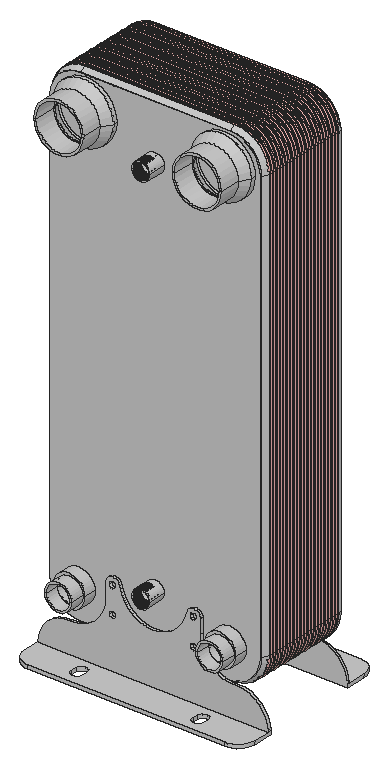
Revit family "MIT MB-11HDQ - Brazed Heat Exchanger", category Specialty Equipment, Revit 2022 (continued)
Automatic sketch dimensions
  plane 12 "4" to Extrusion 18 sketch curve = 0.056 mm
  plane 3 "Center (Left/Right)" to Extrusion 19 sketch curve = 0.034 mm  (x2)
  plane 11 "3" to Extrusion 19 sketch curve = 0.033 mm
  plane 12 "4" to Extrusion 19 sketch curve = 0.056 mm
  Sweep 20 sketch curve to profile plane = 0.00 mm  (x2)
  Sweep 20 sketch curve to profile plane = 2.61 mm
  Sweep 20 sketch curve to profile plane = 0.46 mm
  Sweep 20 sketch curve to profile plane = 1.46 mm
  Sweep 21 sketch curve to profile plane = 0.00 mm  (x2)
  Sweep 21 sketch curve to profile plane = 2.61 mm
  Sweep 21 sketch curve to profile plane = 0.46 mm
  Sweep 21 sketch curve to profile plane = 1.46 mm
  Sweep 22 sketch curve to profile plane = 0.00 mm  (x2)
  Sweep 22 sketch curve to profile plane = 2.61 mm
  Sweep 22 sketch curve to profile plane = 0.46 mm
  Sweep 22 sketch curve to profile plane = 1.46 mm
  Sweep 23 sketch curve to profile plane = 0.00 mm  (x2)
  Sweep 23 sketch curve to profile plane = 2.61 mm
  Sweep 23 sketch curve to profile plane = 0.46 mm
  Sweep 23 sketch curve to profile plane = 1.46 mm
  Sweep 24 sketch curve to profile plane = 0.00 mm  (x2)
  Sweep 24 sketch curve to profile plane = 2.61 mm
  Sweep 24 sketch curve to profile plane = 0.46 mm
  Sweep 24 sketch curve to profile plane = 1.46 mm
  Sweep 25 sketch curve to profile plane = 0.00 mm  (x2)
  Sweep 25 sketch curve to profile plane = 2.61 mm
  Sweep 25 sketch curve to profile plane = 0.46 mm
  Sweep 25 sketch curve to profile plane = 1.46 mm
  Sweep 26 sketch curve to profile plane = 0.00 mm  (x2)
  Sweep 26 sketch curve to profile plane = 2.61 mm
  Sweep 26 sketch curve to profile plane = 0.46 mm
  Sweep 26 sketch curve to profile plane = 1.46 mm
  Sweep 27 sketch curve to profile plane = 0.00 mm  (x2)
  Sweep 27 sketch curve to profile plane = 2.61 mm
  Sweep 27 sketch curve to profile plane = 0.46 mm
  Sweep 27 sketch curve to profile plane = 1.46 mm
  Sweep 28 sketch curve to profile plane = 0.00 mm  (x2)
  Sweep 28 sketch curve to profile plane = 2.61 mm
  Sweep 28 sketch curve to profile plane = 0.46 mm
  Sweep 28 sketch curve to profile plane = 1.46 mm
  Sweep 29 sketch curve to profile plane = 0.00 mm  (x2)
  Sweep 29 sketch curve to profile plane = 2.61 mm
  Sweep 29 sketch curve to profile plane = 0.46 mm
  Sweep 29 sketch curve to profile plane = 1.46 mm
  Sweep 30 sketch curve to profile plane = 0.00 mm  (x2)
  Sweep 30 sketch curve to profile plane = 2.61 mm
  Sweep 30 sketch curve to profile plane = 0.46 mm
  Sweep 30 sketch curve to profile plane = 1.46 mm
  Sweep 31 sketch curve to profile plane = 0.00 mm  (x2)
  Sweep 31 sketch curve to profile plane = 2.61 mm
  Sweep 31 sketch curve to profile plane = 0.46 mm
  Sweep 31 sketch curve to profile plane = 1.46 mm
  Sweep 32 sketch curve to profile plane = 0.00 mm  (x2)
  Sweep 32 sketch curve to profile plane = 2.61 mm
  Sweep 32 sketch curve to profile plane = 0.46 mm
  Sweep 32 sketch curve to profile plane = 1.46 mm
  Sweep 33 sketch curve to profile plane = 0.00 mm  (x2)
  Sweep 33 sketch curve to profile plane = 2.61 mm
  Sweep 33 sketch curve to profile plane = 0.46 mm
  Sweep 33 sketch curve to profile plane = 1.46 mm
  Sweep 34 sketch curve to profile plane = 0.00 mm  (x2)
  Sweep 34 sketch curve to profile plane = 2.61 mm
  Sweep 34 sketch curve to profile plane = 0.46 mm
  Sweep 34 sketch curve to profile plane = 1.46 mm
  Sweep 35 sketch curve to profile plane = 0.00 mm  (x2)
  Sweep 35 sketch curve to profile plane = 2.61 mm
  Sweep 35 sketch curve to profile plane = 0.46 mm
  Sweep 35 sketch curve to profile plane = 1.46 mm
  Sweep 36 sketch curve to profile plane = 0.00 mm  (x2)
  Sweep 36 sketch curve to profile plane = 2.61 mm
  Sweep 36 sketch curve to profile plane = 0.46 mm
  Sweep 36 sketch curve to profile plane = 1.46 mm
  Sweep 37 sketch curve to profile plane = 0.00 mm  (x2)
  Sweep 37 sketch curve to profile plane = 2.61 mm
  Sweep 37 sketch curve to profile plane = 0.46 mm
  Sweep 37 sketch curve to profile plane = 1.46 mm
  Sweep 38 sketch curve to profile plane = 0.00 mm  (x2)
  Sweep 38 sketch curve to profile plane = 2.61 mm
  Sweep 38 sketch curve to profile plane = 0.46 mm
  Sweep 38 sketch curve to profile plane = 1.46 mm
  Sweep 39 sketch curve to profile plane = 0.00 mm  (x2)
  Sweep 39 sketch curve to profile plane = 2.61 mm
  Sweep 39 sketch curve to profile plane = 0.46 mm
  Sweep 39 sketch curve to profile plane = 1.46 mm
  Sweep 40 sketch curve to profile plane = 0.00 mm  (x2)
  Sweep 40 sketch curve to profile plane = 2.61 mm
  Sweep 40 sketch curve to profile plane = 0.46 mm
  Sweep 40 sketch curve to profile plane = 1.46 mm
  Sweep 41 sketch curve to profile plane = 0.00 mm  (x2)
  Sweep 41 sketch curve to profile plane = 2.61 mm
  Sweep 41 sketch curve to profile plane = 0.46 mm
  Sweep 41 sketch curve to profile plane = 1.46 mm
  Sweep 42 sketch curve to profile plane = 0.00 mm  (x2)
  Sweep 42 sketch curve to profile plane = 2.61 mm
  Sweep 42 sketch curve to profile plane = 0.46 mm
  Sweep 42 sketch curve to profile plane = 1.46 mm
  Sweep 43 sketch curve to profile plane = 0.00 mm  (x2)
  Sweep 43 sketch curve to profile plane = 2.61 mm
  Sweep 43 sketch curve to profile plane = 0.46 mm
  Sweep 43 sketch curve to profile plane = 1.46 mm
  Sweep 44 sketch curve to profile plane = 0.00 mm  (x2)
  Sweep 44 sketch curve to profile plane = 2.61 mm
  Sweep 44 sketch curve to profile plane = 0.46 mm
  Sweep 44 sketch curve to profile plane = 1.46 mm
  Sweep 45 sketch curve to profile plane = 0.00 mm  (x2)
  Sweep 45 sketch curve to profile plane = 2.61 mm
  Sweep 45 sketch curve to profile plane = 0.46 mm
  Sweep 45 sketch curve to profile plane = 1.46 mm
  Sweep 46 sketch curve to profile plane = 0.00 mm  (x2)
  Sweep 46 sketch curve to profile plane = 2.61 mm
  Sweep 46 sketch curve to profile plane = 0.46 mm
  Sweep 46 sketch curve to profile plane = 1.46 mm
  Sweep 47 sketch curve to profile plane = 0.00 mm  (x2)
  Sweep 47 sketch curve to profile plane = 2.61 mm
  Sweep 47 sketch curve to profile plane = 0.46 mm
  Sweep 47 sketch curve to profile plane = 1.46 mm
  Sweep 48 sketch curve to profile plane = 0.00 mm  (x2)
  Sweep 48 sketch curve to profile plane = 2.61 mm
  Sweep 48 sketch curve to profile plane = 0.46 mm
  Sweep 48 sketch curve to profile plane = 1.46 mm
  Sweep 49 sketch curve to profile plane = 0.00 mm  (x2)
  Sweep 49 sketch curve to profile plane = 2.61 mm
  Sweep 49 sketch curve to profile plane = 0.46 mm
  Sweep 49 sketch curve to profile plane = 1.46 mm
  Sweep 50 sketch curve to profile plane = 0.00 mm  (x2)
  Sweep 50 sketch curve to profile plane = 2.61 mm
  Sweep 50 sketch curve to profile plane = 0.46 mm
  Sweep 50 sketch curve to profile plane = 1.46 mm
  Sweep 51 sketch curve to profile plane = 0.00 mm  (x2)
  Sweep 51 sketch curve to profile plane = 2.61 mm
  Sweep 51 sketch curve to profile plane = 0.46 mm
  Sweep 51 sketch curve to profile plane = 1.46 mm
  Sweep 52 sketch curve to profile plane = 0.00 mm  (x2)
  Sweep 52 sketch curve to profile plane = 2.61 mm
  Sweep 52 sketch curve to profile plane = 0.46 mm
  Sweep 52 sketch curve to profile plane = 1.46 mm
  Sweep 53 sketch curve to profile plane = 0.00 mm  (x2)
  Sweep 53 sketch curve to profile plane = 2.61 mm
  Sweep 53 sketch curve to profile plane = 0.46 mm
  Sweep 53 sketch curve to profile plane = 1.46 mm
  Sweep 54 sketch curve to profile plane = 0.00 mm  (x2)
  Sweep 54 sketch curve to profile plane = 2.61 mm
  Sweep 54 sketch curve to profile plane = 0.46 mm
  Sweep 54 sketch curve to profile plane = 1.46 mm
  Sweep 55 sketch curve to profile plane = 0.00 mm  (x2)
  Sweep 55 sketch curve to profile plane = 2.61 mm
  Sweep 55 sketch curve to profile plane = 0.46 mm
  Sweep 55 sketch curve to profile plane = 1.46 mm
  Sweep 56 sketch curve to profile plane = 0.00 mm  (x2)
  Sweep 56 sketch curve to profile plane = 2.61 mm
  Sweep 56 sketch curve to profile plane = 0.46 mm
  Sweep 56 sketch curve to profile plane = 1.46 mm
  Sweep 57 sketch curve to profile plane = 0.00 mm  (x2)
  Sweep 57 sketch curve to profile plane = 2.61 mm
  Sweep 57 sketch curve to profile plane = 0.46 mm
  Sweep 57 sketch curve to profile plane = 1.46 mm
  Sweep 58 sketch curve to profile plane = 0.00 mm  (x2)
  Sweep 58 sketch curve to profile plane = 2.61 mm
  Sweep 58 sketch curve to profile plane = 0.46 mm
  Sweep 58 sketch curve to profile plane = 1.46 mm
  Sweep 59 sketch curve to profile plane = 0.00 mm  (x2)
  Sweep 59 sketch curve to profile plane = 2.61 mm
  Sweep 59 sketch curve to profile plane = 0.46 mm
  Sweep 59 sketch curve to profile plane = 1.46 mm
  Sweep 60 sketch curve to profile plane = 0.00 mm  (x2)
  Sweep 60 sketch curve to profile plane = 2.61 mm
  Sweep 60 sketch curve to profile plane = 0.46 mm
  Sweep 60 sketch curve to profile plane = 1.46 mm
  Sweep 61 sketch curve to profile plane = 0.00 mm  (x2)
  Sweep 61 sketch curve to profile plane = 2.61 mm
  Sweep 61 sketch curve to profile plane = 0.46 mm
  Sweep 61 sketch curve to profile plane = 1.46 mm
  Sweep 62 sketch curve to profile plane = 0.00 mm  (x2)
  Sweep 62 sketch curve to profile plane = 2.61 mm
  Sweep 62 sketch curve to profile plane = 0.46 mm
  Sweep 62 sketch curve to profile plane = 1.46 mm
  Sweep 63 sketch curve to profile plane = 0.00 mm  (x2)
  Sweep 63 sketch curve to profile plane = 2.61 mm
  Sweep 63 sketch curve to profile plane = 0.46 mm
  Sweep 63 sketch curve to profile plane = 1.46 mm
  Sweep 64 sketch curve to profile plane = 0.00 mm  (x2)
  Sweep 64 sketch curve to profile plane = 2.61 mm
  Sweep 64 sketch curve to profile plane = 0.46 mm
  Sweep 64 sketch curve to profile plane = 1.46 mm
  Sweep 65 sketch curve to profile plane = 0.00 mm  (x2)
  Sweep 65 sketch curve to profile plane = 2.61 mm
  Sweep 65 sketch curve to profile plane = 0.46 mm
  Sweep 65 sketch curve to profile plane = 1.46 mm
  Sweep 66 sketch curve to profile plane = 0.00 mm  (x2)
  Sweep 66 sketch curve to profile plane = 2.61 mm
  Sweep 66 sketch curve to profile plane = 0.46 mm
  Sweep 66 sketch curve to profile plane = 1.46 mm
  Sweep 67 sketch curve to profile plane = 0.00 mm  (x2)
  Sweep 67 sketch curve to profile plane = 2.61 mm
  Sweep 67 sketch curve to profile plane = 0.46 mm
  Sweep 67 sketch curve to profile plane = 1.46 mm
  Sweep 68 sketch curve to profile plane = 0.00 mm  (x2)
  Sweep 68 sketch curve to profile plane = 2.61 mm
  Sweep 68 sketch curve to profile plane = 0.46 mm
  Sweep 68 sketch curve to profile plane = 1.46 mm
  Sweep 69 sketch curve to profile plane = 0.00 mm  (x2)
  Sweep 69 sketch curve to profile plane = 2.61 mm
  Sweep 69 sketch curve to profile plane = 0.46 mm
  Sweep 69 sketch curve to profile plane = 1.46 mm
  plane 7 "1" to Extrusion 70 sketch curve = 2.804 mm  (x2)
  plane 3 "Center (Left/Right)" to Extrusion 70 sketch curve = 111.00 mm
  Extrusion 70 sketch curve to Extrusion 70 sketch curve = 48.54 mm  (x2)
  Extrusion 70 sketch curve to plane 8 "2" = 3.626 mm  (x2)
  Extrusion 70 sketch curve to plane 3 "Center (Left/Right)" = 110.998 mm
  plane 7 "1" to Extrusion 71 sketch curve = 2.804 mm  (x2)
  Extrusion 71 sketch curve to plane 3 "Center (Left/Right)" = 112.458 mm
  Extrusion 71 sketch curve to Extrusion 71 sketch curve = 48.54 mm
  plane 3 "Center (Left/Right)" to Extrusion 71 sketch curve = 112.46 mm
  Extrusion 71 sketch curve to plane 8 "2" = 3.626 mm  (x2)
  Extrusion 71 sketch curve to Extrusion 71 sketch curve = 50.00 mm
  plane 7 "1" to Extrusion 72 sketch curve = 2.804 mm  (x2)
  Extrusion 72 sketch curve to plane 3 "Center (Left/Right)" = 110.998 mm
  Extrusion 72 sketch curve to Extrusion 72 sketch curve = 50.00 mm  (x2)
  plane 3 "Center (Left/Right)" to Extrusion 72 sketch curve = 111.00 mm
  Extrusion 72 sketch curve to plane 8 "2" = 3.626 mm  (x2)
  Extrusion 73 sketch curve to plane 8 "2" = 0.84 mm  (x2)
  plane 3 "Center (Left/Right)" to Extrusion 73 sketch curve = 120.00 mm
  Extrusion 73 sketch curve to Extrusion 73 sketch curve = 50.00 mm  (x2)
  level to Extrusion 73 sketch curve = 49.91 mm  (x2)
  Extrusion 73 sketch curve to plane 11 "3" = 12.50 mm
  Extrusion 73 sketch curve to Extrusion 73 sketch curve = 10.00 mm  (x3)
  Extrusion 73 sketch curve to Extrusion 73 sketch curve = 9.79 mm  (x2)
  Extrusion 73 sketch curve to plane 3 "Center (Left/Right)" = 0.00 mm
  Extrusion 73 sketch curve to Extrusion 73 sketch curve = 0.00 mm  (x10)
  Extrusion 73 sketch curve to plane 11 "3" = 10.46 mm
  level to Extrusion 73 sketch curve = 5.00 mm  (x2)
  Extrusion 73 sketch curve to level = 0.00 mm
  Extrusion 73 sketch curve to Extrusion 73 sketch curve = 5.00 mm  (x4)
  Extrusion 73 sketch curve to plane 8 "2" = 20.65 mm  (x2)
  Extrusion 74 sketch curve to Extrusion 73 = 0.00 mm  (x2)
  Extrusion 73 to Extrusion 74 sketch curve = 0.00 mm
  Extrusion 74 sketch curve to Extrusion 73 = 5.00 mm
  Extrusion 75 sketch curve to plane 5 = 0.00 mm
  plane 10 to Extrusion 75 sketch curve = 11.00 mm
  plane 3 "Center (Left/Right)" to Extrusion 75 sketch curve = 181.716 mm
  plane 9 "5" to Extrusion 75 sketch curve = 2.00 mm
  Extrusion 75 sketch curve to Extrusion 75 sketch curve = 10.716 mm
  plane 10 to Extrusion 75 sketch curve = 6.00 mm
  Extrusion 75 sketch curve to Extrusion 75 sketch curve = 25.00 mm
  Extrusion 75 sketch curve to plane 10 = 21.57 mm
  Extrusion 75 sketch curve to Extrusion 75 sketch curve = 47.50 mm  (x2)
  Extrusion 75 sketch curve to Extrusion 75 sketch curve = 8.50 mm  (x2)
  Extrusion 75 sketch curve to plane 10 = 13.57 mm
  Extrusion 75 sketch curve to plane 3 "Center (Left/Right)" = 81.50 mm
  Extrusion 75 sketch curve to plane 10 = 19.00 mm
  Extrusion 75 sketch curve to Extrusion 75 sketch curve = 13.732 mm
  Extrusion 75 sketch curve to Extrusion 75 sketch curve = 8.00 mm  (x2)
  plane 3 "Center (Left/Right)" to Extrusion 11 sketch curve = 81.50 mm
  Extrusion 76 sketch curve to plane 3 "Center (Left/Right)" = 160.998 mm
  plane 3 "Center (Left/Right)" to Extrusion 76 sketch curve = 161.00 mm
  Extrusion 76 sketch curve to plane 11 "3" = 85.476 mm
  plane 12 "4" to Extrusion 76 sketch curve = 85.524 mm
  plane 7 "1" to Extrusion 77 sketch curve = 52.804 mm
  Extrusion 77 sketch curve to plane 3 "Center (Left/Right)" = 160.998 mm
  plane 3 "Center (Left/Right)" to Extrusion 77 sketch curve = 161.00 mm
  level to Extrusion 77 sketch curve = 47.024 mm
  Extrusion 78 sketch curve to level = 0.00 mm
  Extrusion 78 sketch curve to plane 3 "Center (Left/Right)" = 0.00 mm
  Extrusion 78 sketch curve to plane 8 "2" = 3.469 mm  (x2)
  plane 3 "Center (Left/Right)" to Extrusion 78 sketch curve = 38.082 mm
  Extrusion 78 sketch curve to plane 11 "3" = 2.553 mm  (x2)
  Extrusion 78 sketch curve to Extrusion 78 sketch curve = 22.943 mm  (x2)
  Extrusion 78 sketch curve to Extrusion 78 sketch curve = 137.319 mm  (x2)
  Extrusion 78 sketch curve to plane 3 "Center (Left/Right)" = 38.082 mm
  Extrusion 78 sketch curve to plane 8 "2" = 19.438 mm
  Extrusion 79 sketch curve to level = 0.00 mm
  Extrusion 79 sketch curve to plane 3 "Center (Left/Right)" = 0.00 mm
  Extrusion 79 sketch curve to plane 11 "3" = 2.553 mm  (x2)
  Extrusion 79 sketch curve to plane 3 "Center (Left/Right)" = 61.025 mm
  Extrusion 79 sketch curve to plane 8 "2" = 37.294 mm  (x2)
  Extrusion 79 sketch curve to Extrusion 79 sketch curve = 24.754 mm  (x2)
  level to Extrusion 79 sketch curve = 49.636 mm  (x2)
  Extrusion 79 sketch curve to Extrusion 79 sketch curve = 45.933 mm  (x2)
  Extrusion 79 sketch curve to Extrusion 79 sketch curve = 43.688 mm  (x2)
  plane 3 "Center (Left/Right)" to Extrusion 79 sketch curve = 61.025 mm
  Extrusion 79 sketch curve to plane 8 "2" = 19.438 mm
  radius of Extrusion 18 sketch curve = 45.00 mm  (x2)
  radius of Extrusion 18 sketch curve = 38.00 mm  (x2)
  radius of Extrusion 19 sketch curve = 45.00 mm  (x2)
Connectors
  piping at (-112, -41, 100.65), diameter 35.1
    settings: on Extrusion 12, index 1, connector inside diameter 609.6 mm, connector length 0.00 mm, flow factor 0, pipe flow 0.0 L/s, pressure drop 0.0 Pa, fitting loss kfactor 0, connector angle 0.00°, fixture units 0, engagement length 0.00 mm, angle of deflection 0.00°, flow configuration 0, flow direction 1, fitting loss method 0, system type 19, joint type 0, gender type 0, connector reference index -1, connector utility 0, adjustable connector no, is connector primary yes, connector description ""
  piping at (112, -41, 100.65), diameter 35.1
    settings: on Extrusion 12, index 2, connector inside diameter 609.6 mm, connector length 0.00 mm, flow factor 0, pipe flow 0.0 L/s, pressure drop 0.0 Pa, fitting loss kfactor 0, connector angle 0.00°, fixture units 0, engagement length 0.00 mm, angle of deflection 0.00°, flow configuration 0, flow direction 2, fitting loss method 0, system type 20, joint type 0, gender type 0, connector reference index -1, connector utility 0, adjustable connector no, is connector primary no, connector description ""
  piping at (-102.6, -52, 733.22), diameter 66.9
    settings: on Extrusion 13, index 3, connector inside diameter 609.6 mm, connector length 0.00 mm, flow factor 0, pipe flow 0.0 L/s, pressure drop 0.0 Pa, fitting loss kfactor 0, connector angle 0.00°, fixture units 0, engagement length 0.00 mm, angle of deflection 0.00°, flow configuration 0, flow direction 2, fitting loss method 0, system type 19, joint type 0, gender type 0, connector reference index -1, connector utility 0, adjustable connector no, is connector primary no, connector description ""
  piping at (102.6, -52, 733.22), diameter 66.9
    settings: on Extrusion 13, index 4, connector inside diameter 609.6 mm, connector length 0.00 mm, flow factor 0, pipe flow 0.0 L/s, pressure drop 0.0 Pa, fitting loss kfactor 0, connector angle 0.00°, fixture units 0, engagement length 0.00 mm, angle of deflection 0.00°, flow configuration 0, flow direction 1, fitting loss method 0, system type 20, joint type 0, gender type 0, connector reference index -1, connector utility 0, adjustable connector no, is connector primary no, connector description ""
